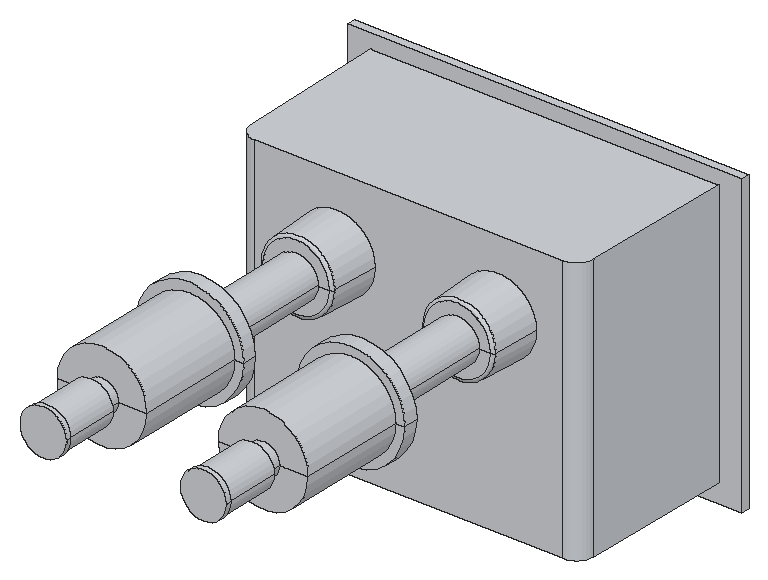
Revit family
Parameters (values of type "HY-700")
  Waste Connection = no
  Vent Connection = no
  URL = "http://www.watts.com"
  Type Comments = ""
  Revised Date = "07/04/2012"
  Product URL = "http://www.watts.com/pages/_products_details.asp?pid=1309"
  Phone # = "416-250-5656"
  Model = "HY-700"
  Manufacturer = "WATTS"
  HW Connection = no
  Designed By = "ATS BIM Team"
  Description = "Watts Drainage Products HY-700 concealed non-freeze key operated dual-temp wall hydrant with nickel bronze box and door, polished bronze hydrant face, 3/4 in. (19mm) hose connection, 3/4 in. (19mm) female X 1 in. (25mm) male pipe connections, all bronze head, seat casting and internal working parts, galvanized wall casing, and loose key."
  Default Elevation = 0' - 0"
  CW Connection = yes
  Assembly Code = "D2040100"
Reference planes (in)
  plane 1 "Center (Front/Back)": y = 0
  plane 2: z = 0
  plane 3 "Center (Left/Right)": x = 0
Forms (in)
  Revolve 1, solid
    sketch origin (-0.03125, 0, 4.625) x (1, 0, 0) y (0, 1, 0)
      loop
        line (-1.71114, -4.93814) -> (-1.23585, -4.93814) -> (-1.23585, -3.74251) -> (-1.36085, -3.74251) -> (-1.36085, -3.43814) -> (-0.73585, -3.43814) -> (-0.73585, -1.06821) -> (-0.53554, -1.06821) -> (-0.53554, -0.75064) -> (-1.23585, -0.75064) -> (-1.23585, 1.8306) -> (-0.98487, 1.8306)
        arc (-0.98487, 1.8306) -> (-0.94357, 1.84707) -> (-0.92495, 1.88746) r 0.06
        line (-0.92495, 1.88746) -> (-0.86234, 3.08217)
        arc (-0.86234, 3.08217) -> (-0.85303, 3.10236) -> (-0.83238, 3.1106) r 0.03
        line (-0.83238, 3.1106) -> (-0.73103, 3.1106) -> (-0.73103, 3.30763) -> (-0.86122, 3.30763) -> (-0.92726, 4.56768) -> (-0.99355, 4.6306) -> (-0.99355, 5.04499)
        arc (-0.99355, 5.04499) -> (-1.0723, 5.08578) -> (-1.15977, 5.10041) r 0.28516
        line (-1.15977, 5.10041) -> (-1.71114, 5.10041) -> (-1.71114, -4.93814)
      axis (-1.71114, -4.93814) -> (-1.71114, 5.10041)
    angle from 0 to 360
  Revolve 2, solid
    sketch origin (3.46875, 0, 4.625) x (1, 0, 0) y (0, 1, 0)
      loop
        line (-1.71114, -4.93814) -> (-1.23585, -4.93814) -> (-1.23585, -3.74251) -> (-1.36085, -3.74251) -> (-1.36085, -3.43814) -> (-0.73585, -3.43814) -> (-0.73585, -1.06821) -> (-0.53554, -1.06821) -> (-0.53554, -0.75064) -> (-1.23585, -0.75064) -> (-1.23585, 1.8306) -> (-0.98487, 1.8306)
        arc (-0.98487, 1.8306) -> (-0.94357, 1.84707) -> (-0.92495, 1.88746) r 0.06
        line (-0.92495, 1.88746) -> (-0.86234, 3.08217)
        arc (-0.86234, 3.08217) -> (-0.85303, 3.10236) -> (-0.83238, 3.1106) r 0.03
        line (-0.83238, 3.1106) -> (-0.73103, 3.1106) -> (-0.73103, 3.30763) -> (-0.86122, 3.30763) -> (-0.92726, 4.56768) -> (-0.99355, 4.6306) -> (-0.99355, 5.04499)
        arc (-0.99355, 5.04499) -> (-1.0723, 5.08578) -> (-1.15977, 5.10041) r 0.28516
        line (-1.15977, 5.10041) -> (-1.71114, 5.10041) -> (-1.71114, -4.93814)
      axis (-1.71114, -4.93814) -> (-1.71114, 5.10041)
    angle from 0 to 360
  Extrusion 3, solid
    sketch origin (0, 0, 0) x (1, 0, 0) y (0, 1, 0)
      loop
        line (-4.44684, 6.7981) -> (-4.44684, 6.6106) -> (4.10553, 6.6106) -> (4.10553, 6.7981) -> (-4.44684, 6.7981)
    from 0 to 6.5
  Extrusion 4, solid
    sketch origin (0, 0, 0) x (1, 0, 0) y (0, 1, 0)
      loop
        line (-3.75932, 6.6106) -> (-3.94684, 6.6106) -> (-3.89244, 3.29195)
        arc (-3.89244, 3.29195) -> (-3.78047, 3.03077) -> (-3.51749, 2.9231) r 0.375
        line (-3.51749, 2.9231) -> (3.17618, 2.9231)
        arc (3.17618, 2.9231) -> (3.43916, 3.03077) -> (3.55113, 3.29195) r 0.375
        line (3.55113, 3.29195) -> (3.60553, 6.6106) -> (3.41801, 6.6106) -> (3.36365, 3.29502)
        arc (3.36365, 3.29502) -> (3.30767, 3.16443) -> (3.17618, 3.1106) r 0.1875
        line (3.17618, 3.1106) -> (-3.51749, 3.1106)
        arc (-3.51749, 3.1106) -> (-3.64898, 3.16443) -> (-3.70496, 3.29502) r 0.1875
        line (-3.70496, 3.29502) -> (-3.75932, 6.6106)
    from 0.40412 to 6.1946
  Extrusion 5, solid
    sketch origin (0, 0, 0) x (1, 0, 0) y (0, 1, 0)
      loop
        line (-3.75932, 6.6106) -> (-3.70496, 3.29502)
        arc (-3.70496, 3.29502) -> (-3.64898, 3.16443) -> (-3.51749, 3.1106) r 0.1875
        line (-3.51749, 3.1106) -> (3.17618, 3.1106)
        arc (3.17618, 3.1106) -> (3.30767, 3.16443) -> (3.36365, 3.29502) r 0.1875
        line (3.36365, 3.29502) -> (3.41801, 6.6106) -> (-3.75932, 6.6106)
    from 6.12855 to 6.1968
  Extrusion 6, solid
    sketch origin (0, 0, -6.45712) x (1, 0, 0) y (0, 1, 0)
      loop
        line (-3.75932, 6.6106) -> (-3.70496, 3.29502)
        arc (-3.70496, 3.29502) -> (-3.64898, 3.16443) -> (-3.51749, 3.1106) r 0.1875
        line (-3.51749, 3.1106) -> (3.17618, 3.1106)
        arc (3.17618, 3.1106) -> (3.30767, 3.16443) -> (3.36365, 3.29502) r 0.1875
        line (3.36365, 3.29502) -> (3.41801, 6.6106) -> (-3.75932, 6.6106)
    from 6.87242 to 6.91142
  Extrusion 7, void
    sketch origin (0, 0, 0) x (1, 0, 0) y (0, 0, 1)
      loop
        line (-3.94684, 6.1946) -> (-3.94684, 0.40412) -> (3.60553, 0.40412) -> (3.60553, 6.1946) -> (-3.94684, 6.1946)
      loop
        line (3.67268, 6.25412) -> (-4.01056, 6.25412) -> (-4.01056, 0.34144) -> (3.67268, 0.34144) -> (3.67268, 6.25412)
    from -7.17172 to -6.70497
  Extrusion 8, void
    sketch origin (0, 0, 0) x (1, 0, 0) y (0, 0, 1)
      loop
        line (-3.94684, 3.67716) -> (-3.94684, 3.64298) -> (-2.79188, 3.64298) -> (-2.79188, 2.72284) -> (-3.94684, 2.72284) -> (-3.94684, 2.67716) -> (-2.75452, 2.67716) -> (-2.75452, 3.67716) -> (-3.94684, 3.67716)
    from -7.17172 to -6.75267
  Extrusion 9, solid
    sketch origin (0, 0, 0) x (1, 0, 0) y (0, 0, 1)
      loop
        circle (-1.74155, 4.62058) r 0.375
      loop
        circle (1.74155, 4.62058) r 0.375
    from -5.20595 to -5.10041
  Extrusion 10, solid
    sketch origin (0, -10.13879, 0) x (1, 0, 0) y (0, 0, 1)
      loop
        circle (-1.74155, 4.62058) r 0.5
      loop
        circle (1.74155, 4.62058) r 0.5
    from -5.20595 to -5.10041
Cuts and joins
  Extrusion 7, Extrusion 8 cuts Revolve 1
  Extrusion 7, Extrusion 8 cuts Revolve 2
  Extrusion 7, Extrusion 8 cuts Extrusion 3
  Extrusion 7, Extrusion 8 cuts Extrusion 4
  Extrusion 7, Extrusion 8 cuts Extrusion 5
  Extrusion 7, Extrusion 8 cuts Extrusion 6
  joined: Revolve 1, Revolve 2, Extrusion 3, Extrusion 4, Extrusion 5, Extrusion 6
Connectors (in)
  piping at (1.74155, -5.03838, 4.62058)
    settings: on Extrusion 10, index 3
  piping at (-1.74155, -5.03838, 4.62058)
    settings: on Extrusion 10, index 4
